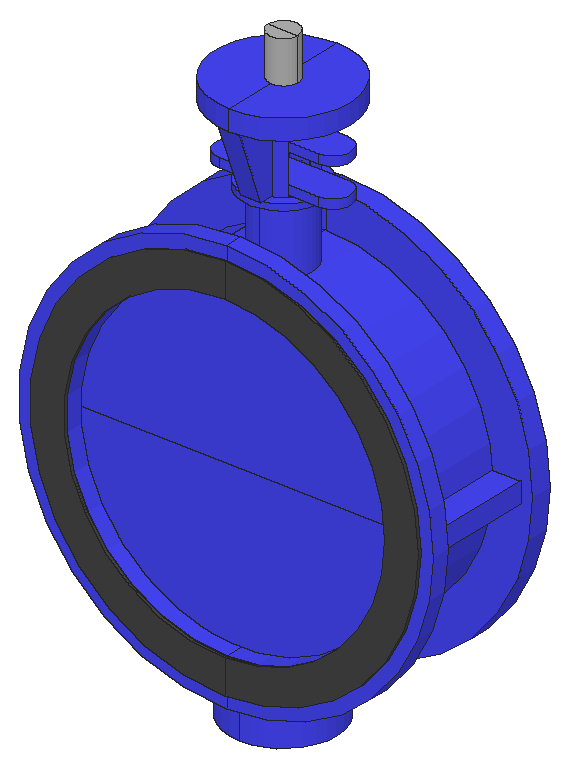
Revit family "926-01-001 DN100-1600", category Pipe Accessories, Revit 2022
Family settings
  Round Connector Dimension = Use Diameter
  Part Type = Valve - Breaks Into
  Work Plane-Based = No
  Always vertical = Yes
  Cut with Voids When Loaded = No
  Shared = No
Parameters (values of type "DN500_PN16")
  support_t = size_lookup(Search_table, "support_t", 0 mm, DN)  # 10 mm
  stem1 = Body_void * 0.85  # 27.251 mm
  URL_product_pages = "https://www.avkvalves.com/P.aspx?no=92610001020140100000"
  Stem_dim1 = Slot_Location1 * 0.38  # 14.123 mm
  Slot_Location1 = (A_support - Actuator_FL_T) / 3  # 37.167 mm
  Description_ = "AVK DBL. ECC. BUTTERFLY VALVE, FLANGED, ISO5752/13, PN10/16"
  DN900_PN16 = "926-900-01-020020100000"
  DN900_PN10 = "926-900-01-010020100000"
  DN800_PN16 = "926-800-01-020020100000\r\n926-800-01-020020100000"
  DN800_PN10 = "926-800-01-010020100000"
  DN700_PN16 = "926-700-01-020020100000"
  DN700_PN10 = "926-700-01-010020100000"
  DN600_PN16 = "926-600-01-020040100000"
  DN600_PN10 = "926-600-01-010040100000"
  DN500_PN16 = "926-500-01-020040100000"
  DN500_PN10 = "926-500-01-010040100000"
  DN400_PN16 = "926-400-01-020040100000"
  DN400_PN10 = "926-400-01-010040100000\r\n926-400-01-010040100000"
  DN350_PN16 = "926-350-01-020040100000"
  DN350_PN10 = "926-350-01-010040100000"
  DN300_PN16 = "926-300-01-020040100000"
  DN300_PN10 = "926-300-01-010040100000\r\n926-300-01-010040100000\r\n926-300-01-010040100000"
  DN250 PN16 = "926-250-01-020040100000"
  DN250 PN10 = "926-250-01-010040100000"
  DN200_PN16 = "926-200-01-020040100000"
  DN200_PN10 = "926-200-01-010040100000\r\n926-200-01-010040100000\r\n926-200-01-010040100000"
  DN1600_PN16 = "926-A16-01-020020100000"
  DN1600_PN10 = "926-A16-01-010020100000"
  DN150_PN10/16 = "926-150-01-020040100000\r\n926-150-01-020040100000\r\n926-150-01-020040100000926-150-01-020040100000\r\n926-150-01-020040100000"
  DN1200_PN16 = "926-A12-01-020020100000"
  DN1200_PN10 = "926-A12-01-010020100000\r\n926-A12-01-010020100000"
  DN100_PN10/16 = "926-100-01-020140100000"
  DN1000_PN16 = "926-A10-01-020020100000"
  DN1000_PN10 = "926-A10-01-010020100000"
  D1 = Body_shaft_R * 0.6  # 27.48 mm
  Search_table = "926-01-001 DN100-1600"
  Raised_dis = size_lookup(Search_table, "Raised_dis", 0 mm, DN)  # 4 mm
  Raised_R = size_lookup(Search_table, "Raised_R", 0 mm, DN)  # 303 mm
  PCD = size_lookup(Search_table, "PCD_R", 0 mm, DN)  # 325 mm
  Flange_T = size_lookup(Search_table, "Flange_T", 0 mm, DN)  # 31.5 mm
  Flange_R = size_lookup(Search_table, "Flange_R", 0 mm, DN)  # 323 mm
  E = size_lookup(Search_table, "E", 0 mm, DN)  # 65 mm
  Default Elevation = 0 mm
  DN = 500.1 mm
  D = size_lookup(Search_table, "D", 0 mm, DN)  # 46 mm
  C = size_lookup(Search_table, "C", 0 mm, DN)  # 511 mm
  Bore_R = size_lookup(Search_table, "Bore_R", 0 mm, DN)  # 250 mm
  Body_void = Body_shaft_R * 0.7  # 32.06 mm
  Body_shaft_R = (A * 0.4) / 2  # 45.8 mm
  Body_rib = size_lookup(Search_table, "Body_rib", 0 mm, DN)  # 16 mm
  Body_Thickness = size_lookup(Search_table, "Body_Thickness", 0 mm, DN)  # 10 mm
  Base_T = size_lookup(Search_table, "Base_T", 0 mm, DN)  # 40.95 mm
  Base_R = size_lookup(Search_table, "Base_R", 0 mm, DN)  # 84 mm
  B = size_lookup(Search_table, "B", 0 mm, DN)  # 380 mm
  Actuator_Flange_R = size_lookup(Search_table, "Actuator_Flange_R", 0 mm, DN)  # 105 mm
  Actuator_FL_T = size_lookup(Search_table, "Actuator_FL_T", 0 mm, DN)  # 31.5 mm
  A_support1 = Actuator_Flange_R * 0.6  # 63 mm
  A_support = size_lookup(Search_table, "A_support", 0 mm, DN)  # 143 mm
  A = size_lookup(Search_table, "A", 0 mm, DN)  # 229 mm
Types (29, lengths in mm): name | support_t | stem1 | Stem_dim1 | Slot_Location1 | D1 | Raised_dis | Raised_R | PCD | Flange_T | Flange_R | E | DN | D | C | Bore_R | Body_void | Body_shaft_R | Body_rib | Body_Thickness | Base_T | Base_R | B | Actuator_Flange_R | Actuator_FL_T | A_support1 | A_support | A
  (no name) | 10 | 27.251 | 14.123 | 37.167 | 27.48 | 4 | 303 | 325 | 31.5 | 323 | 65 | 500.1 | 46 | 511 | 250 | 32.06 | 45.8 | 16 | 10 | 40.95 | 84 | 380 | 105 | 31.5 | 63 | 143 | 229
  DN100_PN10/16 | 8 | 15.113 | 7.727 | 20.333 | 15.24 | 3 | 76.5 | 90 | 19 | 95 | 20 | 100 | 11 | 202 | 50 | 17.78 | 25.4 | 8 | 6 | 20 | 45 | 130 | 62.5 | 19 | 37.5 | 80 | 127
  DN150_PN10/16 | 8 | 16.66 | 9.753 | 25.667 | 16.8 | 3 | 104.5 | 120 | 19 | 122 | 27 | 150 | 17 | 280 | 75 | 19.6 | 28 | 8 | 6 | 23 | 50 | 170 | 62.5 | 19 | 37.5 | 96 | 140
  DN200_PN10 | 8 | 18.088 | 11.78 | 31 | 18.24 | 3 | 132 | 147.5 | 19 | 150 | 30 | 200 | 22 | 320 | 100 | 21.28 | 30.4 | 8 | 7 | 24.7 | 60 | 200 | 75 | 19 | 45 | 112 | 152
  DN200_PN16 | 8 | 18.088 | 11.653 | 30.667 | 18.24 | 3 | 132 | 147.5 | 20 | 150 | 30 | 200.1 | 22 | 320 | 100 | 21.28 | 30.4 | 8 | 7 | 26 | 60 | 200 | 75 | 20 | 45 | 112 | 152
  DN250 PN10 | 8 | 19.635 | 11.78 | 31 | 19.8 | 3 | 159.5 | 175 | 22 | 175 | 36 | 250 | 27 | 340 | 125 | 23.1 | 33 | 8 | 8 | 28.6 | 60 | 222 | 75 | 22 | 45 | 115 | 165
  DN250 PN16 | 8 | 19.635 | 11.147 | 29.333 | 19.8 | 3 | 159.5 | 177.5 | 20 | 175 | 36 | 250.1 | 27 | 340 | 125 | 23.1 | 33 | 8 | 8 | 26 | 60 | 222 | 75 | 20 | 45 | 108 | 165
  DN300_PN10 | 8 | 21.182 | 10.197 | 26.833 | 21.36 | 4 | 183.5 | 200 | 24.5 | 215 | 41 | 300 | 27 | 390 | 150 | 24.92 | 35.6 | 13 | 8 | 31.85 | 60 | 260 | 75 | 24.5 | 45 | 105 | 178
  DN300_PN16 | 8 | 21.182 | 10.197 | 26.833 | 21.36 | 4 | 183.5 | 205 | 24.5 | 215 | 41 | 300.1 | 27 | 390 | 150 | 24.92 | 35.6 | 13 | 8 | 31.85 | 60 | 260 | 75 | 24.5 | 45 | 105 | 178
  DN350_PN10 | 9 | 22.61 | 11.463 | 30.167 | 22.8 | 4 | 213.5 | 230 | 24.5 | 252.5 | 41 | 350 | 36 | 420 | 175 | 26.6 | 38 | 13 | 9 | 31.85 | 60 | 290 | 75 | 24.5 | 45 | 115 | 190
  DN350_PN16 | 9 | 22.61 | 11.21 | 29.5 | 22.8 | 4 | 216 | 235 | 26.5 | 260 | 41 | 350.1 | 36 | 420 | 175 | 26.6 | 38 | 13 | 9 | 34.45 | 60 | 290 | 75 | 26.5 | 45 | 115 | 190
  DN400_PN10 | 9 | 25.704 | 14.63 | 38.5 | 25.92 | 4 | 238.5 | 257.5 | 24.5 | 282.5 | 41 | 400 | 36 | 451 | 200 | 30.24 | 43.2 | 16 | 9 | 31.85 | 84 | 350 | 105 | 24.5 | 63 | 140 | 216
  DN400_PN16 | 9 | 25.704 | 12.92 | 34 | 25.92 | 4 | 242 | 262.5 | 28 | 290 | 41 | 400.1 | 36 | 451 | 200 | 30.24 | 43.2 | 16 | 9 | 36.4 | 84 | 350 | 105 | 28 | 63 | 130 | 216
  DN500_PN10 | 10 | 27.251 | 14.377 | 37.833 | 27.48 | 4 | 291 | 310 | 26.5 | 335 | 65 | 500 | 46 | 511 | 250 | 32.06 | 45.8 | 16 | 10 | 34.45 | 84 | 380 | 105 | 26.5 | 63 | 140 | 229
  DN500_PN16 | 10 | 27.251 | 14.123 | 37.167 | 27.48 | 4 | 303 | 325 | 31.5 | 323 | 65 | 500.1 | 46 | 511 | 250 | 32.06 | 45.8 | 16 | 10 | 40.95 | 84 | 380 | 105 | 31.5 | 63 | 143 | 229
  DN600_PN10 | 10 | 31.773 | 16.467 | 43.333 | 32.04 | 5 | 341 | 362.5 | 30 | 380 | 70 | 600 | 55 | 561 | 300 | 37.38 | 53.4 | 16 | 10 | 39 | 120 | 450 | 150 | 30 | 90 | 160 | 267
  DN600_PN16 | 10 | 31.773 | 15.707 | 41.333 | 32.04 | 5 | 360.5 | 385 | 36 | 380 | 70 | 600.1 | 55 | 561 | 300 | 37.38 | 53.4 | 18 | 10 | 46.8 | 120 | 450 | 150 | 36 | 90 | 160 | 267
  DN700_PN10 | 10 | 34.748 | 18.683 | 49.167 | 35.04 | 5 | 398.5 | 420 | 32.5 | 440 | 110 | 700 | 80 | 655 | 350 | 40.88 | 58.4 | 18 | 10 | 42.25 | 120 | 500 | 150 | 32.5 | 90 | 180 | 292
  DN700_PN16 | 10 | 34.748 | 17.797 | 46.833 | 35.04 | 5 | 395.5 | 420 | 39.5 | 415 | 110 | 700.1 | 80 | 655 | 350 | 40.88 | 58.4 | 18 | 10 | 51.35 | 120 | 500 | 150 | 39.5 | 90 | 180 | 292
  DN800_PN10 | 10 | 37.842 | 21.533 | 56.667 | 38.16 | 5 | 452 | 475 | 35 | 507.5 | 110 | 800 | 80 | 740 | 400 | 44.52 | 63.6 | 20 | 10 | 45.5 | 120 | 600 | 150 | 35 | 90 | 205 | 318
  DN800_PN16 | 12 | 37.842 | 20.52 | 54 | 38.16 | 5 | 449 | 475 | 43 | 512.5 | 110 | 800.1 | 80 | 740 | 400 | 44.52 | 63.6 | 20 | 11 | 55.9 | 120 | 600 | 150 | 43 | 90 | 205 | 318
  DN900_PN10 | 12 | 39.27 | 21.85 | 57.5 | 39.6 | 5 | 502 | 525 | 37.5 | 550 | 108 | 900 | 75 | 802 | 450 | 46.2 | 66 | 25 | 11 | 48.75 | 140 | 620 | 175 | 37.5 | 105 | 210 | 330
  DN900_PN16 | 12 | 39.27 | 20.71 | 54.5 | 39.6 | 5 | 499 | 525 | 46.5 | 530 | 108 | 900.1 | 75 | 802 | 450 | 46.2 | 66 | 25 | 12 | 60.45 | 140 | 620 | 175 | 46.5 | 105 | 210 | 330
  DN1000_PN10 | 12 | 48.79 | 20.267 | 53.333 | 49.2 | 5 | 555.5 | 580 | 35 | 615 | 80 | 1000 | 75 | 856 | 500 | 57.4 | 82 | 25 | 12 | 45.5 | 140 | 700 | 175 | 35 | 105 | 195 | 410
  DN1000_PN16 | 12 | 48.79 | 17.733 | 46.667 | 49.2 | 5 | 557.5 | 585 | 50 | 620 | 80 | 1000.1 | 75 | 856 | 500 | 57.4 | 82 | 25 | 12 | 65 | 140 | 700 | 175 | 50 | 105 | 190 | 410
  DN1200_PN10 | 12 | 55.93 | 24.7 | 65 | 56.4 | 5 | 665 | 690 | 40 | 727.5 | 180 | 1200 | 143 | 1080 | 600 | 65.8 | 94 | 25 | 12 | 52 | 166 | 850 | 207.5 | 40 | 124.5 | 235 | 470
  DN1200_PN16 | 12 | 55.93 | 23.813 | 62.667 | 56.4 | 5 | 665 | 585 | 57 | 742.5 | 180 | 1200.1 | 143 | 1080 | 600 | 65.8 | 94 | 215 | 13 | 74.1 | 166 | 850 | 207.5 | 57 | 124.5 | 245 | 470
  DN1600_PN10 | 12 | 71.4 | 15.96 | 42 | 72 | 5 | 815 | 715 | 40 | 830 | 170 | 1600 | 180 | 1050 | 800 | 84 | 120 | 25 | 1 | 52 | 190 | 1050 | 237.5 | 40 | 142.5 | 166 | 600
  DN1600_PN16 | 10 | 71.4 | 16.593 | 43.667 | 72 | 5 | 815 | 750 | 57 | 830 | 170 | 1600.1 | 180 | 1050 | 800 | 84 | 120 | 25 | 1 | 74.1 | 190 | 1050 | 237.5 | 35 | 142.5 | 166 | 600
Reference planes
  plane 1 "Center (Front/Back)": y = 0
  plane 2: z = 0
  plane 3 "Center (Left/Right)": x = 0
  plane 4: z = 511
  plane 5: z = -380
  plane 6: y = 114.5
  plane 7: y = -114.5
  plane 8: z = 323
  plane 9: z = 323
  plane 10: z = 250
  plane 11: z = 368
  plane 12: x = 15.75
  plane 13: x = -15.75
  plane 14: x = -105
  plane 15: x = 105
  plane 16: x = -80
  plane 17: x = 80
  plane 18: z = 576
  plane 19: z = 405.167
  plane 20: z = 442.333
  plane 21: x = 23
  plane 22: x = -23
  plane 23: y = 23
  plane 24: y = -23
  plane 25: z = 576
  plane 26: y = 105
  plane 27: y = -105
Forms (mm)
  Revolve 1, solid, material "Default Wall"
    sketch origin (0, 0, 0) x (0, 1, 0) y (0, 0, 1)
      loop
        line (83, 260) -> (-83, 260) -> (-83, 323) -> (-110.5, 323) -> (-110.5, 250) -> (114.5, 250) -> (114.5, 323) -> (83, 323) -> (83, 260)
      axis (114.5, 0) -> (-110.5, 0)
    angle from 0 to 360
  Revolve 2, solid, material "Default Roof"
    sketch origin (0, 0, 0) x (0, 1, 0) y (0, 0, 1)
      loop
        line (-110.5, 250) -> (-110.5, 303) -> (-114.5, 303) -> (-114.5, 250) -> (-110.5, 250)
      axis (-110.5, 0) -> (-114.5, 0)
    angle from 0 to 360
  Revolve 3, solid, material "Default Wall"
    sketch origin (0, 0, 0) x (0, 1, 0) y (0, 0, 1)
      loop
        line (-45.8, 479.5) -> (-45.8, -339.05) -> (-84, -339.05) -> (-84, -380) -> (0, -380) -> (0, 511) -> (-105, 511) -> (-105, 479.5) -> (-45.8, 479.5)
      axis (0, 511) -> (0, -380)
    angle from 0 to 360
  Extrusion 4, solid, material "Default Wall"
    sketch origin (0, 0, 0) x (0, 1, 0) y (0, 0, 1)
      loop
        line (105, 479.5) -> (-105, 479.5) -> (-63, 368) -> (63, 368) -> (105, 479.5)
    from -15.75 to 15.75
  Revolve 5, solid, material "Default Wall"
    sketch origin (0, 0, 0) x (1, 0, 0) y (0, 0, 1)
      loop
        line (0, 368) -> (0, 358) -> (63, 358) -> (63, 368) -> (0, 368)
      axis (0, 368) -> (0, 358)
    angle from 0 to 360
  Extrusion 6, void
    sketch origin (0, 0, 0) x (0, -1, 0) y (0, 0, 1)
      loop
        line (-32.06, 479.5) -> (-32.06, 368) -> (32.06, 368) -> (32.06, 479.5) -> (-32.06, 479.5)
    from -105 to 105
  Extrusion 7, solid, material "Default Wall"
    sketch origin (0, 0, 0) x (1, 0, 0) y (0, 1, 0)
      loop
        line (-303, 83) -> (-303, -83) -> (-250, -83) -> (-250, 83) -> (-303, 83)
      loop
        line (303, 83) -> (250, 83) -> (250, -83) -> (303, -83) -> (303, 83)
    from -16 to 16
  Revolve 8, solid, material "Default"
    sketch origin (0, 0, 0) x (1, 0, 0) y (0, 0, 1)
      loop
        line (0, 576) -> (0, 442.333) -> (27.251, 442.333) -> (27.251, 456.457) -> (23, 456.457) -> (23, 576) -> (0, 576)
      axis (0, 576) -> (0, 442.333)
    angle from 0 to 360
  Extrusion 9, solid, material "Default Wall"
    sketch origin (0, 212.588, 442.333) x (0, 1, 0) y (-1, 0, 0)
      loop
        arc (-185.108, 77.52) -> (-212.588, 105) -> (-240.068, 77.52) r 27.48
        line (-240.068, 77.52) -> (-240.068, -77.52)
        arc (-240.068, -77.52) -> (-212.588, -105) -> (-185.108, -77.52) r 27.48
        line (-185.108, -77.52) -> (-185.108, 77.52)
    from -14.123 to 0
  Extrusion 10, solid, material "Default Wall"
    sketch origin (0, 502.012, 368) x (0, 1, 0) y (-1, 0, 0)
      loop
        arc (-474.532, 77.52) -> (-502.012, 105) -> (-529.492, 77.52) r 27.48
        line (-529.492, 77.52) -> (-529.492, -77.52)
        arc (-529.492, -77.52) -> (-502.012, -105) -> (-474.532, -77.52) r 27.48
        line (-474.532, -77.52) -> (-474.532, 77.52)
    from 0 to 14.123
  Revolve 11, solid, material "Default Wall"
    sketch origin (0, 0, 0) x (1, 0, 0) y (0, 1, 0)
      loop
        line (-250, 83) -> (-250, -83) -> (0, -83) -> (0, 83) -> (-250, 83)
      axis (0, -83) -> (0, 83)
    angle from 0 to 360
Cuts and joins
  Extrusion 6 cuts Revolve 3
  Extrusion 6 cuts Extrusion 4
  Extrusion 6 cuts Revolve 5
Dimensions and locks
  equal spacing: plane 6, plane 1 "Center (Front/Back)", plane 7
  "Flange_R": plane 8 to level
  "A": plane 6 to plane 7
  "B": plane 5 to level
  "C": plane 4 to level
  equal spacing: Revolve 1 sketch curve, plane 1 "Center (Front/Back)", Revolve 1 sketch curve
  "Flange_R": plane 9 to level
  "Bore_R": plane 10 to level
  "Flange_T": plane 6 to Revolve 1 sketch curve
  "Raised_dis": Revolve 1 sketch curve to plane 7
  "Body_Thickness": Revolve 1 sketch curve to plane 10
  "Bore_R": Revolve 2 sketch curve to level
  "Raised_R": Revolve 2 sketch curve to level
  "Raised_dis": Revolve 2 sketch curve to plane 7
  "Actuator_FL_T": plane 4 to Revolve 3 sketch curve
  "Actuator_Flange_R": plane 1 "Center (Front/Back)" to Revolve 3 sketch curve
  "Base_T": plane 5 to Revolve 3 sketch curve
  "Base_R": plane 1 "Center (Front/Back)" to Revolve 3 sketch curve
  "Body_shaft_R": plane 1 "Center (Front/Back)" to Revolve 3 sketch curve
  "A_support": plane 4 to plane 11
  equal spacing: Extrusion 4 sketch curve, plane 1 "Center (Front/Back)", Extrusion 4 sketch curve  (x2)
  "Actuator_Flange_R": Extrusion 4 sketch curve to plane 1 "Center (Front/Back)"
  "A_support1": Extrusion 4 sketch curve to plane 1 "Center (Front/Back)"
  "Actuator_FL_T": plane 4 to Extrusion 4 sketch curve
  equal spacing: plane 12, plane 3 "Center (Left/Right)", plane 13
  "Flange_T": plane 13 to plane 12
  "A_support1": Revolve 5 sketch curve to plane 3 "Center (Left/Right)"
  "support_t": Revolve 5 sketch curve to plane 11
  "Actuator_FL_T": plane 4 to Extrusion 6 sketch curve
  equal spacing: Extrusion 6 sketch curve, plane 1 "Center (Front/Back)", Extrusion 6 sketch curve
  "Body_void": plane 1 "Center (Front/Back)" to Extrusion 6 sketch curve
  equal spacing: plane 15, plane 3 "Center (Left/Right)", plane 14
  "Actuator_Flange_R": plane 3 "Center (Left/Right)" to plane 14
  equal spacing: Extrusion 7 sketch curve, plane 3 "Center (Left/Right)", Extrusion 7 sketch curve  (x2)
  "Raised_R": Extrusion 7 sketch curve to plane 3 "Center (Left/Right)"
  "Bore_R": Extrusion 7 sketch curve to plane 3 "Center (Left/Right)"
  "Flange_T": Extrusion 7 sketch curve to plane 6
  "Flange_T": Extrusion 7 sketch curve to plane 7
  equal spacing: Extrusion 7, level, Extrusion 7
  "Body_rib": Extrusion 7 to level
  equal spacing: plane 17, plane 3 "Center (Left/Right)", plane 16
  "E": plane 18 to plane 4
  "stem1": Revolve 8 sketch curve to plane 3 "Center (Left/Right)"
  equal spacing: plane 20, plane 19, plane 11
  "Slot_Location1": plane 19 to plane 11
  "Stem_dim1": Revolve 8 to plane 20
  "Stem_dim1": plane 20 to Extrusion 9
  equal spacing: Extrusion 9 sketch curve, plane 1 "Center (Front/Back)", Extrusion 9 sketch curve
  equal spacing: Extrusion 9 sketch curve, plane 3 "Center (Left/Right)", Extrusion 9 sketch curve
  "Actuator_Flange_R": Extrusion 9 sketch curve to plane 3 "Center (Left/Right)"
  "D1": plane 1 "Center (Front/Back)" to Extrusion 9 sketch curve
  "Stem_dim1": Extrusion 10 to plane 11
  equal spacing: plane 22, plane 3 "Center (Left/Right)", plane 21
  "D": plane 22 to plane 21
  equal spacing: Revolve 11 sketch curve, plane 1 "Center (Front/Back)", Revolve 11 sketch curve
  "Flange_T": Revolve 11 sketch curve to plane 6
  "Bore_R": Revolve 11 sketch curve to plane 3 "Center (Left/Right)"
  "E": plane 25 to plane 4
  equal spacing: plane 23, plane 1 "Center (Front/Back)", plane 24
  "D": plane 23 to plane 24
  equal spacing: plane 26, plane 1 "Center (Front/Back)", plane 27
  "Actuator_Flange_R": plane 26 to plane 1 "Center (Front/Back)"
  plane 26 to plane 27 = 210 mm
  aligned and locked: level to plane 2
  aligned and locked: level to Revolve 1 sketch curve
  aligned and locked: plane 9 to Revolve 1 sketch curve
  aligned and locked: Revolve 1 sketch curve to plane 9
  aligned and locked: plane 10 to Revolve 1 sketch curve
  aligned and locked: Revolve 1 sketch curve to plane 6
  aligned and locked: Revolve 2 sketch curve to plane 7
  aligned and locked: Revolve 2 sketch curve to level
  aligned and locked: plane 1 "Center (Front/Back)" to Revolve 3 sketch curve
  aligned and locked: Revolve 3 sketch curve to plane 4
  aligned and locked: Revolve 3 sketch curve to plane 5
  aligned and locked: Revolve 3 sketch curve to plane 1 "Center (Front/Back)"
  aligned and locked: Extrusion 4 sketch curve to plane 11
  aligned and locked: plane 13 to Extrusion 4
  aligned and locked: plane 12 to Extrusion 4
  aligned and locked: plane 3 "Center (Left/Right)" to Revolve 5 sketch curve
  aligned and locked: Revolve 5 sketch curve to plane 11
  aligned and locked: Revolve 5 sketch curve to plane 3 "Center (Left/Right)"
  aligned and locked: plane 11 to Extrusion 6 sketch curve
  aligned and locked: Extrusion 6 to plane 14
  aligned and locked: Extrusion 6 to plane 15
  aligned and locked: Extrusion 7 sketch curve to Extrusion 7 sketch curve  (x2)
  aligned and locked: plane 3 "Center (Left/Right)" to Revolve 8 sketch curve
  aligned and locked: Revolve 8 sketch curve to plane 18
  aligned and locked: Revolve 8 sketch curve to plane 3 "Center (Left/Right)"
  aligned and locked: plane 20 to Revolve 8
  aligned and locked: plane 20 to Extrusion 9
  aligned and locked: Extrusion 10 sketch curve to Extrusion 9  (x2)
  aligned and locked: Extrusion 10 to plane 11
  aligned and locked: plane 21 to Revolve 8 sketch curve
  aligned and locked: Revolve 11 sketch curve to plane 3 "Center (Left/Right)"  (x2)
  aligned and locked: plane 1 "Center (Front/Back)" to nested 1
  aligned and locked: nested 1 to level
Automatic sketch dimensions
  Revolve 1 sketch curve to plane 7 = 0.021 mm
  Revolve 1 sketch curve to plane 26 = 0.376 mm
  plane 27 to Revolve 2 sketch curve = 1.262 mm
  plane 7 to Revolve 2 sketch curve = 0.262 mm
  Revolve 3 sketch curve to level = 53.898 mm
  plane 20 to Revolve 3 sketch curve = 12.315 mm
  Revolve 5 sketch curve to plane 19 = 9.966 mm
  plane 19 to Revolve 5 sketch curve = 8.793 mm
  Revolve 8 sketch curve to plane 20 = 0 mm
  Revolve 8 sketch curve to Revolve 8 sketch curve = 14.123 mm
  Revolve 8 sketch curve to Revolve 8 sketch curve = 24.907 mm
  Revolve 8 sketch curve to Revolve 8 sketch curve = 30 mm
  plane 27 to Revolve 11 sketch curve = 0.437 mm
  Revolve 11 sketch curve to plane 23 = 6.937 mm
Nested families
  nested 1: "LOGO" at (-303, 0, 0) x (0, -1, 0) z (-1, 0, 0), type "LOGO"
Connectors
  piping at (0, 114.5, 0), diameter 500.1, driven by "DN"
    settings: on Revolve 1, index 1, connector inside diameter 609.6 mm, connector length 0 mm, flow factor 0, pipe flow 0.0 L/s, pressure drop 0.0 Pa, fitting loss kfactor 0, connector angle 0.00°, fixture units 0, engagement length 0 mm, angle of deflection 0.00°, flow configuration 0, flow direction 0, fitting loss method 0, system type 7, joint type 0, gender type 0, connector reference index -1, connector utility 0, adjustable connector no, is connector primary yes, connector description ""
  piping at (0, -114.5, 0), diameter 500.1, driven by "DN"
    settings: on Revolve 2, index 2, connector inside diameter 609.6 mm, connector length 0 mm, flow factor 0, pipe flow 0.0 L/s, pressure drop 0.0 Pa, fitting loss kfactor 0, connector angle 0.00°, fixture units 0, engagement length 0 mm, angle of deflection 0.00°, flow configuration 0, flow direction 0, fitting loss method 0, system type 7, joint type 0, gender type 0, connector reference index -1, connector utility 0, adjustable connector no, is connector primary no, connector description ""
Definition of nested family "LOGO"
  Parameters (values of type "LOGO")
    Default Elevation = 1219.2 mm
    DN600 = yes
    DN500 = yes
  Reference planes
    plane 1 "Center (Front/Back)": y = 0
    plane 2: z = 0
    plane 3 "Center (Left/Right)": x = 0
  Forms (mm)
    Extrusion 1, solid
      sketch origin (0, 0, 0) x (1, 0, 0) y (0, 1, 0)
        loop
          line (-1219.2, 1219.2) -> (-1219.2, -1219.2) -> (1219.2, -1219.2) -> (1219.2, 1219.2) -> (-1219.2, 1219.2)
      from 0 to -304.8
    Extrusion 2, solid, visible <- "DN600"
      sketch origin (0, 0, 0) x (1, 0, 0) y (0, 1, 0)
        loop
          line (-13.414, 47.067) -> (-49.421, 47.067) -> (-49.421, 37.301) -> (-20.11, 37.301) -> (-4.923, 0) -> (4.923, 0) -> (20.11, 37.301) -> (49.421, 37.301) -> (49.421, 47.067) -> (13.414, 47.067) -> (0, 14.12) -> (-13.414, 47.067)
        loop
          line (-49.421, 24.122) -> (-40.161, 24.122) -> (-49.421, 0) -> (-38.959, 0) -> (-36.972, 5.177) -> (-21.641, 5.177) -> (-19.533, 0) -> (-8.989, 0) -> (-22.642, 33.536) -> (-49.421, 33.536) -> (-49.421, 24.122)
        loop
          line (-34.548, 14.12) -> (-25.282, 14.12) -> (-30.051, 25.833) -> (-34.548, 14.12)
        loop
          line (22.642, 33.536) -> (8.989, 0) -> (19.533, 0) -> (24.902, 13.186) -> (34.838, 0) -> (47.067, 0) -> (35.829, 14.914)
          arc (35.829, 14.914) -> (42.384, 18.149) -> (46.597, 24.122) r 14.826
          line (46.597, 24.122) -> (49.421, 24.122) -> (49.421, 33.536) -> (40.007, 33.536)
          arc (40.007, 33.536) -> (36.577, 25.039) -> (28.208, 21.306) r 12.238
          line (28.208, 21.306) -> (33.187, 33.536) -> (22.642, 33.536)
      from 0 to 1
  Dimensions and locks
    aligned and locked: plane 2 to Extrusion 1
    aligned and locked: level to Extrusion 1
